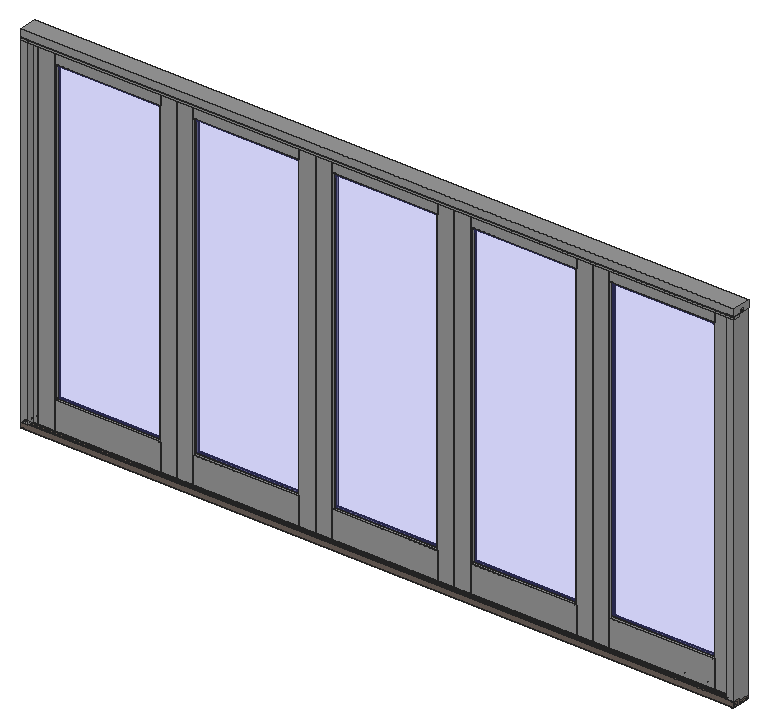
Revit family "VSFA 4190 G1 LH", category Doors, host Wall, Revit 2015
Parameters (values of type "VSFA 4190 G1 LH")
  Function = Interior
  Frame Projection Ext. = 25 mm
  Frame Projection Int. = 25 mm
  Frame Width = 75 mm
  Height = 2100 mm
  Wall Closure = By host
  Width = 4190 mm
Reference planes
  plane 1: y = 0
  plane 2 "Center (Left/Right)": x = 0
  plane 3 "Left": x = -2095
  plane 4 "Right": x = 2095
  plane 5: z = 2100
  plane 6 "Exterior": y = 75
  plane 7 "Interior": y = -75
  plane 8: x = 1206
  plane 9: x = -1236
  plane 10: x = 1205
  plane 11: x = 391
  plane 12: x = -422
  plane 13: x = 392
  plane 14: x = -423
  plane 15: x = -1237
Forms (mm)
  Extrusion 1, solid, material "Aluminium Cill (Bronze)"
    sketch origin (0, 79.18, -119.746) x (0, 1, 0) y (0, 0, 1)
      loop
        line (-26.68, 120.746) -> (-26.68, 135.746)
        arc (-26.68, 135.746) -> (-27.558, 137.867) -> (-29.68, 138.746) r 3
        line (-29.68, 138.746) -> (-40.947, 138.746)
        arc (-40.947, 138.746) -> (-42.68, 137.746) -> (-44.412, 138.746) r 2
        line (-44.412, 138.746) -> (-48.947, 138.746)
        arc (-48.947, 138.746) -> (-50.68, 137.746) -> (-52.412, 138.746) r 2
        line (-52.412, 138.746) -> (-56.947, 138.746)
        arc (-56.947, 138.746) -> (-58.68, 137.746) -> (-60.412, 138.746) r 2
        line (-60.412, 138.746) -> (-67.18, 138.746) -> (-67.18, 135.246)
        arc (-67.18, 135.246) -> (-67.619, 134.185) -> (-68.68, 133.746) r 1.5
        line (-68.68, 133.746) -> (-73.43, 133.746) -> (-73.43, 135.746) -> (-71.996, 135.746)
        arc (-71.996, 135.746) -> (-74.68, 138.746) -> (-77.363, 135.746) r 2.7
        line (-77.363, 135.746) -> (-75.93, 135.746) -> (-75.93, 133.746) -> (-80.68, 133.746)
        arc (-80.68, 133.746) -> (-81.74, 134.185) -> (-82.18, 135.246) r 1.5
        line (-82.18, 135.246) -> (-82.18, 138.746) -> (-90.432, 138.746) -> (-98.68, 138.746) -> (-98.68, 143.746)
        arc (-98.68, 143.746) -> (-99.18, 144.246) -> (-99.68, 143.746) r 0.5
        line (-99.68, 143.746) -> (-99.68, 142.734) -> (-100.88, 142.734) -> (-100.88, 150.246) -> (-99.68, 150.246) -> (-99.68, 149.246)
        arc (-99.68, 149.246) -> (-99.18, 148.746) -> (-98.68, 149.246) r 0.5
        line (-98.68, 149.246) -> (-98.68, 150.746)
        arc (-98.68, 150.746) -> (-98.972, 151.453) -> (-99.68, 151.746) r 1
        line (-99.68, 151.746) -> (-109.447, 151.746)
        arc (-109.447, 151.746) -> (-111.18, 150.746) -> (-112.912, 151.746) r 2
        line (-112.912, 151.746) -> (-117.447, 151.746)
        arc (-117.447, 151.746) -> (-119.18, 150.746) -> (-120.912, 151.746) r 2
        line (-120.912, 151.746) -> (-130.68, 151.746)
        arc (-130.68, 151.746) -> (-131.387, 151.453) -> (-131.68, 150.746) r 1
        line (-131.68, 150.746) -> (-131.68, 120.746)
        arc (-131.68, 120.746) -> (-131.387, 120.039) -> (-130.68, 119.746) r 1
        line (-130.68, 119.746) -> (-27.68, 119.746)
        arc (-27.68, 119.746) -> (-26.972, 120.039) -> (-26.68, 120.746) r 1
      loop
        line (-29.68, 137.246) -> (-40.23, 137.246)
        arc (-40.23, 137.246) -> (-42.68, 136.246) -> (-45.129, 137.246) r 3.5
        line (-45.129, 137.246) -> (-48.23, 137.246)
        arc (-48.23, 137.246) -> (-50.68, 136.246) -> (-53.129, 137.246) r 3.5
        line (-53.129, 137.246) -> (-56.23, 137.246)
        arc (-56.23, 137.246) -> (-58.68, 136.246) -> (-61.129, 137.246) r 3.5
        line (-61.129, 137.246) -> (-65.68, 137.246) -> (-65.68, 135.246)
        arc (-65.68, 135.246) -> (-66.558, 133.125) -> (-68.68, 132.246) r 3
        line (-68.68, 132.246) -> (-73.93, 132.246) -> (-73.93, 121.246) -> (-28.18, 121.246) -> (-28.18, 135.746)
        arc (-28.18, 135.746) -> (-28.619, 136.807) -> (-29.68, 137.246) r 1.5
      loop
        line (-75.43, 132.246) -> (-80.68, 132.246)
        arc (-80.68, 132.246) -> (-82.801, 133.125) -> (-83.68, 135.246) r 3
        line (-83.68, 135.246) -> (-83.68, 137.246) -> (-98.68, 137.246) -> (-98.68, 121.246) -> (-75.43, 121.246) -> (-75.43, 132.246)
      loop
        line (-100.18, 121.246) -> (-100.18, 141.246) -> (-102.38, 141.246) -> (-102.38, 150.246) -> (-108.73, 150.246)
        arc (-108.73, 150.246) -> (-111.18, 149.246) -> (-113.629, 150.246) r 3.5
        line (-113.629, 150.246) -> (-116.73, 150.246)
        arc (-116.73, 150.246) -> (-119.18, 149.246) -> (-121.629, 150.246) r 3.5
        line (-121.629, 150.246) -> (-130.18, 150.246) -> (-130.18, 121.246) -> (-100.18, 121.246)
    from -2095 to 2095
  Extrusion 2, solid, material "Lauan, Meranti"
    sketch origin (122.148, 0, 0) x (0, 1, 0) y (0, 0, -1)
      loop
        line (52.5, -2100) -> (52.5, -2055) -> (15.5, -2055) -> (15.5, -2075) -> (-6.5, -2075) -> (-6.5, -2055) -> (-52.5, -2055) -> (-52.5, -2100) -> (52.5, -2100)
    from -1972.852 to 2217.148
  Extrusion 3, solid, material "Lauan, Meranti"
    sketch origin (-2.986, 0, 0) x (0, 1, 0) y (0, 0, -1)
      loop
        line (-52.5, -2052) -> (-49.5, -2052) -> (-49.5, -2055) -> (-20.5, -2055) -> (-20.5, -2048.5) -> (-27.5, -2048.5) -> (-27.5, -2045.5) -> (-20.5, -2045.5) -> (-20.5, -2042) -> (-52.5, -2042) -> (-52.5, -2052)
    from -2097.986 to 2092.014
  Extrusion 4, solid, material "Steel, Chrome Plated"
    sketch origin (-129.456, -1.5, 0) x (0, 1, 0) y (0, 0, 1)
      loop
        line (16.5, 2075) -> (-4.5, 2075) -> (-4.5, 2055) -> (-2.3, 2055) -> (-2.3, 2072.8) -> (14.3, 2072.8) -> (14.3, 2055) -> (16.5, 2055) -> (16.5, 2075)
    from -1965.544 to 2224.456
  Extrusion 5, solid, material "Lauan, Meranti"
    sketch origin (1430, 0, 0) x (-1, 0, 0) y (0, -1, 0)
      loop
        line (-665, -52.5) -> (-632, -52.5) -> (-632, -24.5) -> (-620, -24.5) -> (-620, 52.5) -> (-665, 52.5) -> (-665, -52.5)
    from 32 to 2055
  Extrusion 6, solid, material "Lauan, Meranti"
    sketch origin (1430, 0, 0) x (-1, 0, 0) y (0, -1, 0)
      loop
        line (-665, -52.5) -> (-632, -52.5) -> (-632, -24.5) -> (-620, -24.5) -> (-620, 19.5) -> (-665, 19.5) -> (-665, -52.5)
    from 19 to 32
  Extrusion 7, solid, material "Lauan, Meranti"
    sketch origin (-1430, 0, 0) x (-1, 0, 0) y (0, -1, 0)
      loop
        line (665, 52.5) -> (620, 52.5) -> (620, 16.5) -> (665, 16.5) -> (665, 52.5)
      loop
        line (665, -52.5) -> (665, -25.5) -> (620, -25.5) -> (620, -52.5) -> (665, -52.5)
      loop
        line (590, -24.5) -> (635, -24.5) -> (635, -14.5) -> (610, -14.5) -> (610, 5.5) -> (635, 5.5) -> (635, 15.5) -> (590, 15.5) -> (590, -24.5)
    from 32 to 2055
  Extrusion 8, solid, material "Lauan, Meranti"
    sketch origin (-1430, 0, 0) x (-1, 0, 0) y (0, -1, 0)
      loop
        line (620, -52.5) -> (665, -52.5) -> (665, -25.5) -> (620, -25.5) -> (620, -52.5)
      loop
        line (635, -24.5) -> (635, -14.5) -> (610, -14.5) -> (610, 5.5) -> (635, 5.5) -> (635, 15.5) -> (590, 15.5) -> (590, -24.5) -> (635, -24.5)
    from 19 to 32
  Extrusion 9, solid, material "Lauan, Meranti"
    sketch origin (-711, 0, 0) x (-1, 0, 0) y (0, -1, 0)
      loop
        line (-1133, 15.5) -> (-1133, -24.5) -> (-1037, -24.5) -> (-1037, 5.5) -> (-1028, 5.5) -> (-1028, 7.5) -> (-1030, 7.5)
        arc (-1030, 7.5) -> (-1032.265, 11.94) -> (-1037, 13.5) r 6.549
        line (-1037, 13.5) -> (-1037, 15.5) -> (-1133, 15.5)
      loop
        line (-320, 15.5) -> (-416, 15.5) -> (-416, 13.5)
        arc (-416, 13.5) -> (-420.735, 11.94) -> (-423, 7.5) r 6.549
        line (-423, 7.5) -> (-425, 7.5) -> (-425, 5.5) -> (-416, 5.5) -> (-416, -24.5) -> (-320, -24.5) -> (-320, 15.5)
    from 19 to 2055
  Extrusion 10, solid, material "Lauan, Meranti"
    sketch origin (-46.235, 0, 0) x (0, 1, 0) y (0, 0, -1)
      loop
        line (-15.5, -190) -> (-13.5, -190)
        arc (-13.5, -190) -> (-11.866, -194.67) -> (-7.5, -197) r 6.807
        line (-7.5, -197) -> (-7.5, -199) -> (-5.5, -199) -> (-5.5, -190) -> (24.5, -190) -> (24.5, -19) -> (-15.5, -19) -> (-15.5, -190)
      loop
        arc (-7.5, -1952) -> (-11.866, -1954.33) -> (-13.5, -1959) r 6.807
        line (-13.5, -1959) -> (-15.5, -1959) -> (-15.5, -2055) -> (24.5, -2055) -> (24.5, -1959) -> (-5.5, -1959) -> (-5.5, -1950) -> (-7.5, -1950) -> (-7.5, -1952)
    from -372.235 to 248.765
  Sweep 11, solid, material "Lauan, Meranti"
    path origin (246.124, -75, -1252.272) x (-1, 0, 0) y (0, 0, -1)
      loop
        line (-79.876, -3211.272) -> (541.124, -3211.272) -> (541.124, -1442.272) -> (-79.876, -1442.272) -> (-79.876, -3211.272)
    profile origin (15.5, -75, 1959) x (0, 0, -1) y (0, -1, 0)
      loop
        line (9, -78) -> (0, -78) -> (0, -86)
        arc (0, -86) -> (4.67, -84.366) -> (7, -80) r 6.807
        line (7, -80) -> (9, -80) -> (9, -78)
  Extrusion 12, solid, material "Glass"
    sketch origin (-22.808, -110.55, -763.769) x (-1, 0, 0) y (0, 0, -1)
      loop
        line (-348.808, -2722.769) -> (272.192, -2722.769) -> (272.192, -953.769) -> (-348.808, -953.769) -> (-348.808, -2722.769)
    from -112.5 to -106.1
  Extrusion 13, solid, material "Lauan, Meranti"
    sketch origin (103, 0, 0) x (-1, 0, 0) y (0, -1, 0)
      loop
        line (-1133, 15.5) -> (-1133, -24.5) -> (-1037, -24.5) -> (-1037, 5.5) -> (-1028, 5.5) -> (-1028, 7.5) -> (-1030, 7.5)
        arc (-1030, 7.5) -> (-1032.265, 11.94) -> (-1037, 13.5) r 6.549
        line (-1037, 13.5) -> (-1037, 15.5) -> (-1133, 15.5)
      loop
        line (-320, 15.5) -> (-416, 15.5) -> (-416, 13.5)
        arc (-416, 13.5) -> (-420.735, 11.94) -> (-423, 7.5) r 6.549
        line (-423, 7.5) -> (-425, 7.5) -> (-425, 5.5) -> (-416, 5.5) -> (-416, -24.5) -> (-320, -24.5) -> (-320, 15.5)
    from 19 to 2055
  Extrusion 14, solid, material "Lauan, Meranti"
    sketch origin (767.765, 0, 0) x (0, 1, 0) y (0, 0, -1)
      loop
        line (-15.5, -190) -> (-13.5, -190)
        arc (-13.5, -190) -> (-11.866, -194.67) -> (-7.5, -197) r 6.807
        line (-7.5, -197) -> (-7.5, -199) -> (-5.5, -199) -> (-5.5, -190) -> (24.5, -190) -> (24.5, -19) -> (-15.5, -19) -> (-15.5, -190)
      loop
        arc (-7.5, -1952) -> (-11.866, -1954.33) -> (-13.5, -1959) r 6.807
        line (-13.5, -1959) -> (-15.5, -1959) -> (-15.5, -2055) -> (24.5, -2055) -> (24.5, -1959) -> (-5.5, -1959) -> (-5.5, -1950) -> (-7.5, -1950) -> (-7.5, -1952)
    from -372.235 to 248.765
  Sweep 15, solid, material "Lauan, Meranti"
    path origin (1060.124, -75, -1252.272) x (-1, 0, 0) y (0, 0, -1)
      loop
        line (-79.876, -3211.272) -> (541.124, -3211.272) -> (541.124, -1442.272) -> (-79.876, -1442.272) -> (-79.876, -3211.272)
    profile origin (829.5, -75, 1959) x (0, 0, -1) y (0, -1, 0)
      loop
        line (9, -78) -> (0, -78) -> (0, -86)
        arc (0, -86) -> (4.67, -84.366) -> (7, -80) r 6.807
        line (7, -80) -> (9, -80) -> (9, -78)
  Extrusion 16, solid, material "Glass"
    sketch origin (791.192, -110.55, -763.769) x (-1, 0, 0) y (0, 0, -1)
      loop
        line (-348.808, -2722.769) -> (272.192, -2722.769) -> (272.192, -953.769) -> (-348.808, -953.769) -> (-348.808, -2722.769)
    from -112.5 to -106.1
  Extrusion 17, solid, material "Lauan, Meranti"
    sketch origin (-1525, 0, 0) x (-1, 0, 0) y (0, -1, 0)
      loop
        line (-1133, 15.5) -> (-1133, -24.5) -> (-1037, -24.5) -> (-1037, 5.5) -> (-1028, 5.5) -> (-1028, 7.5) -> (-1030, 7.5)
        arc (-1030, 7.5) -> (-1032.265, 11.94) -> (-1037, 13.5) r 6.549
        line (-1037, 13.5) -> (-1037, 15.5) -> (-1133, 15.5)
      loop
        line (-320, 15.5) -> (-416, 15.5) -> (-416, 13.5)
        arc (-416, 13.5) -> (-420.735, 11.94) -> (-423, 7.5) r 6.549
        line (-423, 7.5) -> (-425, 7.5) -> (-425, 5.5) -> (-416, 5.5) -> (-416, -24.5) -> (-320, -24.5) -> (-320, 15.5)
    from 19 to 2055
  Extrusion 18, solid, material "Lauan, Meranti"
    sketch origin (-860.235, 0, 0) x (0, 1, 0) y (0, 0, -1)
      loop
        line (-15.5, -190) -> (-13.5, -190)
        arc (-13.5, -190) -> (-11.866, -194.67) -> (-7.5, -197) r 6.807
        line (-7.5, -197) -> (-7.5, -199) -> (-5.5, -199) -> (-5.5, -190) -> (24.5, -190) -> (24.5, -19) -> (-15.5, -19) -> (-15.5, -190)
      loop
        arc (-7.5, -1952) -> (-11.866, -1954.33) -> (-13.5, -1959) r 6.807
        line (-13.5, -1959) -> (-15.5, -1959) -> (-15.5, -2055) -> (24.5, -2055) -> (24.5, -1959) -> (-5.5, -1959) -> (-5.5, -1950) -> (-7.5, -1950) -> (-7.5, -1952)
    from -372.235 to 248.765
  Sweep 19, solid, material "Lauan, Meranti"
    path origin (-567.876, -75, -1252.272) x (-1, 0, 0) y (0, 0, -1)
      loop
        line (-79.876, -3211.272) -> (541.124, -3211.272) -> (541.124, -1442.272) -> (-79.876, -1442.272) -> (-79.876, -3211.272)
    profile origin (-798.5, -75, 1959) x (0, 0, -1) y (0, -1, 0)
      loop
        line (9, -78) -> (0, -78) -> (0, -86)
        arc (0, -86) -> (4.67, -84.366) -> (7, -80) r 6.807
        line (7, -80) -> (9, -80) -> (9, -78)
  Extrusion 20, solid, material "Glass"
    sketch origin (-836.808, -110.55, -763.769) x (-1, 0, 0) y (0, 0, -1)
      loop
        line (-348.808, -2722.769) -> (272.192, -2722.769) -> (272.192, -953.769) -> (-348.808, -953.769) -> (-348.808, -2722.769)
    from -112.5 to -106.1
  Extrusion 21, solid, material "Lauan, Meranti"
    sketch origin (-2339, 0, 0) x (-1, 0, 0) y (0, -1, 0)
      loop
        line (-1133, 15.5) -> (-1133, -24.5) -> (-1037, -24.5) -> (-1037, 5.5) -> (-1028, 5.5) -> (-1028, 7.5) -> (-1030, 7.5)
        arc (-1030, 7.5) -> (-1032.265, 11.94) -> (-1037, 13.5) r 6.549
        line (-1037, 13.5) -> (-1037, 15.5) -> (-1133, 15.5)
      loop
        line (-320, 15.5) -> (-416, 15.5) -> (-416, 13.5)
        arc (-416, 13.5) -> (-420.735, 11.94) -> (-423, 7.5) r 6.549
        line (-423, 7.5) -> (-425, 7.5) -> (-425, 5.5) -> (-416, 5.5) -> (-416, -24.5) -> (-320, -24.5) -> (-320, 15.5)
    from 19 to 2055
  Extrusion 22, solid, material "Lauan, Meranti"
    sketch origin (-1674.235, 0, 0) x (0, 1, 0) y (0, 0, -1)
      loop
        line (-15.5, -190) -> (-13.5, -190)
        arc (-13.5, -190) -> (-11.866, -194.67) -> (-7.5, -197) r 6.807
        line (-7.5, -197) -> (-7.5, -199) -> (-5.5, -199) -> (-5.5, -190) -> (24.5, -190) -> (24.5, -19) -> (-15.5, -19) -> (-15.5, -190)
      loop
        arc (-7.5, -1952) -> (-11.866, -1954.33) -> (-13.5, -1959) r 6.807
        line (-13.5, -1959) -> (-15.5, -1959) -> (-15.5, -2055) -> (24.5, -2055) -> (24.5, -1959) -> (-5.5, -1959) -> (-5.5, -1950) -> (-7.5, -1950) -> (-7.5, -1952)
    from -372.235 to 248.765
  Sweep 23, solid, material "Lauan, Meranti"
    path origin (-1381.876, -75, -1252.272) x (-1, 0, 0) y (0, 0, -1)
      loop
        line (-79.876, -3211.272) -> (541.124, -3211.272) -> (541.124, -1442.272) -> (-79.876, -1442.272) -> (-79.876, -3211.272)
    profile origin (-1612.5, -75, 1959) x (0, 0, -1) y (0, -1, 0)
      loop
        line (9, -78) -> (0, -78) -> (0, -86)
        arc (0, -86) -> (4.67, -84.366) -> (7, -80) r 6.807
        line (7, -80) -> (9, -80) -> (9, -78)
  Extrusion 24, solid, material "Glass"
    sketch origin (-1650.808, -110.55, -763.769) x (-1, 0, 0) y (0, 0, -1)
      loop
        line (-348.808, -2722.769) -> (272.192, -2722.769) -> (272.192, -953.769) -> (-348.808, -953.769) -> (-348.808, -2722.769)
    from -112.5 to -106.1
  Extrusion 25, solid, material "Lauan, Meranti"
    sketch origin (917, 0, 0) x (-1, 0, 0) y (0, -1, 0)
      loop
        line (-1133, 15.5) -> (-1133, -24.5) -> (-1037, -24.5) -> (-1037, 5.5) -> (-1028, 5.5) -> (-1028, 7.5) -> (-1030, 7.5)
        arc (-1030, 7.5) -> (-1032.265, 11.94) -> (-1037, 13.5) r 6.549
        line (-1037, 13.5) -> (-1037, 15.5) -> (-1133, 15.5)
      loop
        line (-320, 15.5) -> (-416, 15.5) -> (-416, 13.5)
        arc (-416, 13.5) -> (-420.735, 11.94) -> (-423, 7.5) r 6.549
        line (-423, 7.5) -> (-425, 7.5) -> (-425, 5.5) -> (-416, 5.5) -> (-416, -24.5) -> (-320, -24.5) -> (-320, 15.5)
    from 19 to 2055
  Extrusion 26, solid, material "Lauan, Meranti"
    sketch origin (1581.765, 0, 0) x (0, 1, 0) y (0, 0, -1)
      loop
        line (-15.5, -190) -> (-13.5, -190)
        arc (-13.5, -190) -> (-11.866, -194.67) -> (-7.5, -197) r 6.807
        line (-7.5, -197) -> (-7.5, -199) -> (-5.5, -199) -> (-5.5, -190) -> (24.5, -190) -> (24.5, -19) -> (-15.5, -19) -> (-15.5, -190)
      loop
        arc (-7.5, -1952) -> (-11.866, -1954.33) -> (-13.5, -1959) r 6.807
        line (-13.5, -1959) -> (-15.5, -1959) -> (-15.5, -2055) -> (24.5, -2055) -> (24.5, -1959) -> (-5.5, -1959) -> (-5.5, -1950) -> (-7.5, -1950) -> (-7.5, -1952)
    from -372.235 to 248.765
  Sweep 27, solid, material "Lauan, Meranti"
    path origin (1874.124, -75, -1252.272) x (-1, 0, 0) y (0, 0, -1)
      loop
        line (-79.876, -3211.272) -> (541.124, -3211.272) -> (541.124, -1442.272) -> (-79.876, -1442.272) -> (-79.876, -3211.272)
    profile origin (1643.5, -75, 1959) x (0, 0, -1) y (0, -1, 0)
      loop
        line (9, -78) -> (0, -78) -> (0, -86)
        arc (0, -86) -> (4.67, -84.366) -> (7, -80) r 6.807
        line (7, -80) -> (9, -80) -> (9, -78)
  Extrusion 28, solid, material "Glass"
    sketch origin (1605.192, -110.55, -763.769) x (-1, 0, 0) y (0, 0, -1)
      loop
        line (-348.808, -2722.769) -> (272.192, -2722.769) -> (272.192, -953.769) -> (-348.808, -953.769) -> (-348.808, -2722.769)
    from -112.5 to -106.1
Cuts and joins
  joined: Extrusion 5, Extrusion 6
  joined: Extrusion 7, Extrusion 8
Lines and regions (mm)
  Opening 1
    outline origin (-5000, -75, 0) x (1, 0, 0) y (0, 0, 1)
      loop
        line (2905, 0) -> (7095, 0) -> (7095, 2100) -> (2905, 2100) -> (2905, 0)
  model lines
    curve 1: line (178.198, 99.5, 1050) -> (3.198, 99.5, 1050)
    curve 2: line (-135.879, 99.5, 1050) -> (3.198, 99.5, 1106.191)
    curve 3: line (3.198, 99.5, 1106.191) -> (3.198, 99.5, 993.809)
    curve 4: line (-135.879, 99.5, 1050) -> (3.198, 99.5, 993.809)
    curve 5: line (992.198, 99.5, 1050) -> (817.198, 99.5, 1050)
    curve 6: line (678.121, 99.5, 1050) -> (817.198, 99.5, 1106.191)
    curve 7: line (817.198, 99.5, 1106.191) -> (817.198, 99.5, 993.809)
    curve 8: line (678.121, 99.5, 1050) -> (817.198, 99.5, 993.809)
    curve 9: line (-635.802, 99.5, 1050) -> (-810.802, 99.5, 1050)
    curve 10: line (-949.879, 99.5, 1050) -> (-810.802, 99.5, 1106.191)
    curve 11: line (-810.802, 99.5, 1106.191) -> (-810.802, 99.5, 993.809)
    curve 12: line (-949.879, 99.5, 1050) -> (-810.802, 99.5, 993.809)
    curve 13: line (-1449.802, 99.5, 1050) -> (-1624.802, 99.5, 1050)
    curve 14: line (-1763.879, 99.5, 1050) -> (-1624.802, 99.5, 1106.191)
    curve 15: line (-1624.802, 99.5, 1106.191) -> (-1624.802, 99.5, 993.809)
    curve 16: line (-1763.879, 99.5, 1050) -> (-1624.802, 99.5, 993.809)
    curve 17: line (1806.198, 99.5, 1050) -> (1631.198, 99.5, 1050)
    curve 18: line (1492.121, 99.5, 1050) -> (1631.198, 99.5, 1106.191)
    curve 19: line (1631.198, 99.5, 1106.191) -> (1631.198, 99.5, 993.809)
    curve 20: line (1492.121, 99.5, 1050) -> (1631.198, 99.5, 993.809)
    curve 21: line (-2020, 24.5, 0) -> (-1613.5, 728.579, 0)
    curve 22: line (-1613.5, 728.579, 0) -> (-1578.859, 708.579, 0)
    curve 23: line (-1578.859, 708.579, 0) -> (-1985.359, 4.5, 0)
    curve 24: line (-1137.718, 24.5, 0) -> (-1544.218, 728.579, 0)
    curve 25: line (-1544.218, 728.579, 0) -> (-1578.859, 708.579, 0)
    curve 26: line (-1578.859, 708.579, 0) -> (-1172.359, 4.5, 0)
    curve 27: line (-1137.718, 24.5, 0) -> (-731.218, 728.579, 0)
    curve 28: line (-731.218, 728.579, 0) -> (-696.577, 708.579, 0)
    curve 29: line (-1103.077, 4.5, 0) -> (-696.577, 708.579, 0)
    curve 30: line (-255.436, 24.5, 0) -> (151.064, 728.579, 0)
    curve 31: line (151.064, 728.579, 0) -> (185.705, 708.579, 0)
    curve 32: line (185.705, 708.579, 0) -> (-220.795, 4.5, 0)
    curve 33: line (-255.436, 24.5, 0) -> (-661.936, 728.579, 0)
    curve 34: line (-661.936, 728.579, 0) -> (-696.577, 708.579, 0)
    curve 35: line (-290.077, 4.5, 0) -> (-696.577, 708.579, 0)
Text (mm)
  text "Exterior" at (-2295.016, 1099.543, 0), in view "Ref. Level"
  text "Exterior" at (0, 1615.38, 3698.081), in view "Left"
  text "Exterior" at (0, 1036.032, 3874.932), in view "Right"
Dimensions and locks
  equal spacing: plane 3 "Left", plane 2 "Center (Left/Right)", plane 4 "Right"
  "Width": plane 3 "Left" to plane 4 "Right"
  "Height": plane 5 to host wall
  host wall to plane 5 = 2100 mm  (x2)
  locked: plane 6 "Exterior" to host wall at 0
  locked: plane 7 "Interior" to host wall
  plane 3 "Left" to plane 4 "Right" = 4190 mm
  aligned and locked: plane 1 to host wall
  aligned and locked: Opening 1 sketch curve to level
  aligned and locked: Extrusion 9 to Extrusion 10
  aligned and locked: Extrusion 10 to Extrusion 12  (x2)
  aligned and locked: Extrusion 9 to Extrusion 12
  aligned and locked: Sweep 11 sketch curve to Extrusion 10  (x2)
  aligned and locked: Extrusion 9 to Sweep 11 sketch curve
  aligned and locked: Extrusion 13 to Extrusion 14
  aligned and locked: Extrusion 14 to Extrusion 16  (x2)
  aligned and locked: Extrusion 13 to Extrusion 16
  aligned and locked: Sweep 15 sketch curve to Extrusion 14  (x2)
  aligned and locked: Extrusion 13 to Sweep 15 sketch curve
  aligned and locked: Extrusion 17 to Extrusion 18
  aligned and locked: Extrusion 18 to Extrusion 20  (x2)
  aligned and locked: Extrusion 17 to Extrusion 20
  aligned and locked: Sweep 19 sketch curve to Extrusion 18  (x2)
  aligned and locked: Extrusion 17 to Sweep 19 sketch curve
  aligned and locked: Extrusion 21 to Extrusion 22
  aligned and locked: Extrusion 22 to Extrusion 24  (x2)
  aligned and locked: Extrusion 21 to Extrusion 24
  aligned and locked: Sweep 23 sketch curve to Extrusion 22  (x2)
  aligned and locked: Extrusion 21 to Sweep 23 sketch curve
  aligned and locked: Extrusion 25 to Extrusion 26
  aligned and locked: Extrusion 26 to Extrusion 28  (x2)
  aligned and locked: Extrusion 25 to Extrusion 28
  aligned and locked: Sweep 27 sketch curve to Extrusion 26  (x2)
  aligned and locked: Extrusion 25 to Sweep 27 sketch curve
Automatic sketch dimensions
  curve 16 to plane 3 "Left" = 331.121 mm
  curve 14 to curve 15 = 139.078 mm
  curve 12 to plane 9 = 286.121 mm
  curve 10 to curve 11 = 139.078 mm
  curve 2 to plane 2 "Center (Left/Right)" = 135.879 mm
  plane 2 "Center (Left/Right)" to curve 2 = 3.198 mm
  curve 8 to plane 13 = 286.121 mm
  curve 6 to curve 7 = 139.078 mm
  curve 18 to plane 8 = 286.121 mm
  curve 18 to curve 18 = 139.078 mm
  level to curve 20 = 993.809 mm
  level to curve 16 = 993.809 mm
  curve 12 to curve 15 = 0 mm
  curve 3 to curve 11 = 0 mm
  curve 8 to curve 3 = 0 mm
  curve 7 to curve 6 = 56.191 mm
  curve 19 to curve 18 = 56.191 mm
  curve 3 to curve 4 = 56.191 mm
  curve 11 to curve 10 = 56.191 mm
  curve 15 to curve 14 = 56.191 mm
  curve 15 to curve 15 = 112.382 mm
  curve 11 to curve 10 = 112.382 mm
  curve 7 to curve 7 = 112.382 mm
  curve 19 to curve 18 = 112.382 mm
  curve 3 to curve 3 = 112.382 mm
  curve 13 to curve 13 = 175 mm
  curve 9 to curve 9 = 175 mm
  curve 1 to curve 1 = 175 mm
  curve 5 to curve 5 = 175 mm
  curve 17 to curve 17 = 175 mm
  curve 17 to curve 18 = 56.191 mm
  curve 7 to curve 5 = 56.191 mm
  curve 11 to curve 9 = 56.191 mm
  curve 3 to curve 1 = 56.191 mm
  curve 15 to curve 13 = 56.191 mm
  plane 15 to curve 21 = 376.5 mm
  curve 22 to curve 23 = 34.641 mm
  curve 22 to curve 25 = 34.641 mm
  curve 27 to host wall = 24.5 mm
  curve 27 to plane 9 = 98.282 mm
  plane 14 to curve 28 = 308.218 mm
  curve 27 to curve 28 = 34.641 mm
  curve 29 to curve 33 = 34.641 mm
  curve 30 to host wall = 24.5 mm
  curve 30 to plane 12 = 166.564 mm
  plane 2 "Center (Left/Right)" to curve 31 = 151.064 mm
  curve 31 to curve 31 = 34.641 mm
  host wall to curve 26 = 633.579 mm
  host wall to curve 32 = 633.579 mm
  host wall to curve 28 = 633.579 mm
  curve 22 to curve 22 = 20 mm
  curve 23 to host wall = 4.5 mm
  curve 21 to host wall = 24.5 mm
  curve 26 to host wall = 4.5 mm
  curve 29 to host wall = 4.5 mm
  curve 24 to curve 29 = 34.641 mm
  curve 35 to host wall = 4.5 mm
  curve 35 to curve 30 = 34.641 mm
  curve 32 to host wall = 4.5 mm
  plane 3 "Left" to Opening 1 sketch curve = 0 mm
  plane 4 "Right" to Opening 1 sketch curve = 0 mm
  Opening 1 sketch curve to plane 5 = 0 mm
  Extrusion 1 sketch curve to level = 0 mm
  level to Extrusion 1 sketch curve = 1 mm
  Extrusion 1 sketch curve to host wall = 22.5 mm
  Extrusion 1 sketch curve to Extrusion 1 sketch curve = 1 mm  (x7)
  Extrusion 1 sketch curve to Extrusion 1 sketch curve = 0.5 mm  (x8)
  Extrusion 1 sketch curve to Extrusion 1 sketch curve = 8.551 mm
  Extrusion 1 sketch curve to Extrusion 1 sketch curve = 0.717 mm  (x10)
  Extrusion 1 sketch curve to Extrusion 1 sketch curve = 1.732 mm  (x10)
  Extrusion 1 sketch curve to Extrusion 1 sketch curve = 0 mm  (x26)
  Extrusion 1 sketch curve to Extrusion 1 sketch curve = 3.101 mm  (x3)
  Extrusion 1 sketch curve to Extrusion 1 sketch curve = 6.351 mm
  Extrusion 1 sketch curve to Extrusion 1 sketch curve = 1.5 mm  (x15)
  Extrusion 1 sketch curve to Extrusion 1 sketch curve = 0.7 mm
  level to Extrusion 1 sketch curve = 1.5 mm  (x3)
  Extrusion 1 sketch curve to Extrusion 1 sketch curve = 1.2 mm  (x2)
  Extrusion 1 sketch curve to Extrusion 1 sketch curve = 8.248 mm
  host wall to Extrusion 1 sketch curve = 4.5 mm
  host wall to Extrusion 1 sketch curve = 1.5 mm  (x2)
  Extrusion 1 sketch curve to host wall = 1.817 mm
  Extrusion 1 sketch curve to Extrusion 1 sketch curve = 1.433 mm  (x3)
  Extrusion 1 sketch curve to host wall = 3.75 mm
  Extrusion 1 sketch curve to Extrusion 1 sketch curve = 1.25 mm  (x2)
  Extrusion 1 sketch curve to Extrusion 1 sketch curve = 3.317 mm
  Extrusion 1 sketch curve to Extrusion 1 sketch curve = 4.551 mm
  Extrusion 1 sketch curve to Extrusion 1 sketch curve = 10.551 mm
  Extrusion 1 sketch curve to Extrusion 1 sketch curve = 11 mm
  Extrusion 1 sketch curve to Extrusion 1 sketch curve = 14.5 mm
  Extrusion 1 sketch curve to Extrusion 1 sketch curve = 2 mm  (x4)
  Extrusion 1 sketch curve to Extrusion 1 sketch curve = 0.3 mm
  Extrusion 1 sketch curve to Extrusion 1 sketch curve = 2.5 mm
  Extrusion 1 sketch curve to Extrusion 1 sketch curve = 1.488 mm
  Extrusion 1 sketch curve to Extrusion 1 sketch curve = 1.012 mm
  Extrusion 1 sketch curve to Extrusion 1 sketch curve = 5.5 mm
  plane 5 to Extrusion 2 sketch curve = 0 mm
  Extrusion 2 sketch curve to host wall = 22.5 mm  (x2)
  host wall to Extrusion 2 sketch curve = 6.5 mm
  Extrusion 2 sketch curve to host wall = 15.5 mm
  plane 5 to Extrusion 2 sketch curve = 25 mm
  Extrusion 2 sketch curve to Extrusion 2 sketch curve = 45 mm
  Extrusion 2 sketch curve to Extrusion 2 sketch curve = 20 mm
  Extrusion 3 sketch curve to host wall = 22.5 mm
  Extrusion 3 sketch curve to Extrusion 3 sketch curve = 3 mm  (x3)
  Extrusion 3 sketch curve to Extrusion 3 sketch curve = 22 mm
  Extrusion 3 sketch curve to Extrusion 3 sketch curve = 7 mm
  Extrusion 3 sketch curve to Extrusion 3 sketch curve = 0 mm
  plane 5 to Extrusion 3 sketch curve = 45 mm
  Extrusion 3 sketch curve to Extrusion 3 sketch curve = 6.5 mm
  Extrusion 3 sketch curve to Extrusion 3 sketch curve = 10 mm
  host wall to Extrusion 4 sketch curve = 6 mm
  Extrusion 4 sketch curve to Extrusion 4 sketch curve = 2.2 mm  (x3)
  Extrusion 4 sketch curve to host wall = 12.8 mm
  plane 5 to Extrusion 4 sketch curve = 45 mm
  Extrusion 4 sketch curve to Extrusion 4 sketch curve = 0 mm
  Extrusion 4 sketch curve to Extrusion 4 sketch curve = 17.8 mm
  Extrusion 5 sketch curve to plane 4 "Right" = 0 mm
  plane 4 "Right" to Extrusion 5 sketch curve = 33 mm
  Extrusion 5 sketch curve to Extrusion 5 sketch curve = 45 mm
  Extrusion 5 sketch curve to host wall = 22.5 mm  (x2)
  Extrusion 5 sketch curve to host wall = 24.5 mm
  Extrusion 6 sketch curve to plane 4 "Right" = 0 mm
  Extrusion 6 sketch curve to Extrusion 6 sketch curve = 33 mm
  host wall to Extrusion 6 sketch curve = 19.5 mm
  Extrusion 6 sketch curve to Extrusion 6 sketch curve = 45 mm
  Extrusion 6 sketch curve to host wall = 24.5 mm
  Extrusion 6 sketch curve to host wall = 22.5 mm
  Extrusion 7 sketch curve to plane 3 "Left" = 0 mm  (x2)
  Extrusion 7 sketch curve to plane 3 "Left" = 30 mm  (x2)
  Extrusion 7 sketch curve to Extrusion 7 sketch curve = 15 mm  (x2)
  Extrusion 7 sketch curve to Extrusion 7 sketch curve = 10 mm  (x2)
  Extrusion 7 sketch curve to Extrusion 7 sketch curve = 20 mm
  Extrusion 7 sketch curve to host wall = 22.5 mm  (x2)
  Extrusion 7 sketch curve to host wall = 25.5 mm
  Extrusion 7 sketch curve to Extrusion 7 sketch curve = 1 mm
  Extrusion 7 sketch curve to host wall = 14.5 mm
  host wall to Extrusion 7 sketch curve = 5.5 mm
  host wall to Extrusion 7 sketch curve = 16.5 mm
  Extrusion 8 sketch curve to plane 3 "Left" = 0 mm
  Extrusion 8 sketch curve to plane 3 "Left" = 30 mm
  Extrusion 8 sketch curve to Extrusion 8 sketch curve = 0 mm
  Extrusion 8 sketch curve to Extrusion 8 sketch curve = 15 mm
  host wall to Extrusion 8 sketch curve = 5.5 mm
  Extrusion 8 sketch curve to Extrusion 8 sketch curve = 25 mm
  Extrusion 8 sketch curve to Extrusion 8 sketch curve = 20 mm
  Extrusion 8 sketch curve to host wall = 14.5 mm
  Extrusion 8 sketch curve to Extrusion 8 sketch curve = 10 mm  (x2)
  Extrusion 8 sketch curve to host wall = 25.5 mm
  Extrusion 8 sketch curve to host wall = 22.5 mm
  plane 13 to Extrusion 9 sketch curve = 30 mm
  Extrusion 9 sketch curve to host wall = 13.5 mm
  Extrusion 9 sketch curve to plane 11 = 65 mm
  Extrusion 9 sketch curve to Extrusion 9 sketch curve = 0 mm
  Extrusion 9 sketch curve to Extrusion 9 sketch curve = 0.473 mm  (x3)
  Extrusion 9 sketch curve to Extrusion 9 sketch curve = 6.527 mm  (x2)
  Extrusion 9 sketch curve to Extrusion 9 sketch curve = 2 mm  (x4)
  Extrusion 9 sketch curve to host wall = 5.5 mm
  plane 12 to Extrusion 9 sketch curve = 136 mm
  plane 12 to Extrusion 9 sketch curve = 31 mm
  Extrusion 9 sketch curve to host wall = 15.5 mm  (x2)
  Extrusion 9 sketch curve to host wall = 7.5 mm
  Extrusion 9 sketch curve to Extrusion 9 sketch curve = 1.468 mm
  host wall to Extrusion 9 sketch curve = 24.5 mm  (x2)
  host wall to Extrusion 10 sketch curve = 15.5 mm  (x2)
  Extrusion 10 sketch curve to Extrusion 10 sketch curve = 2 mm  (x6)
  host wall to Extrusion 10 sketch curve = 7.5 mm  (x2)
  host wall to Extrusion 10 sketch curve = 6.697 mm  (x2)
  Extrusion 10 sketch curve to host wall = 24.5 mm  (x2)
  plane 5 to Extrusion 10 sketch curve = 45 mm
  Extrusion 10 sketch curve to Extrusion 10 sketch curve = 96 mm
  Extrusion 10 sketch curve to Extrusion 10 sketch curve = 0 mm
  Extrusion 10 sketch curve to Extrusion 10 sketch curve = 0.241 mm  (x2)
  level to Extrusion 10 sketch curve = 199 mm
  Extrusion 10 sketch curve to Extrusion 10 sketch curve = 6.759 mm
  level to Extrusion 10 sketch curve = 19 mm
  plane 11 to Sweep 11 sketch curve = 65 mm
  Sweep 11 sketch curve to profile plane = 0 mm
  Sweep 11 sketch curve to profile plane = 0.241 mm
  Sweep 11 sketch curve to Sweep 11 sketch curve = 6.759 mm
  Sweep 11 sketch curve to Sweep 11 sketch curve = 2 mm  (x2)
  Sweep 11 sketch curve to profile plane = 86 mm
  Sweep 11 sketch curve to Sweep 11 sketch curve = 6 mm
  plane 11 to Extrusion 12 sketch curve = 65 mm
  Extrusion 12 sketch curve to plane 12 = 127 mm
  plane 5 to Extrusion 12 sketch curve = 141 mm
  level to Extrusion 12 sketch curve = 190 mm
  plane 8 to Extrusion 13 sketch curve = 30 mm
  Extrusion 13 sketch curve to host wall = 13.5 mm
  Extrusion 13 sketch curve to plane 10 = 65 mm
  Extrusion 13 sketch curve to Extrusion 13 sketch curve = 0 mm
  Extrusion 13 sketch curve to Extrusion 13 sketch curve = 0.473 mm  (x3)
  Extrusion 13 sketch curve to Extrusion 13 sketch curve = 6.527 mm  (x2)
  Extrusion 13 sketch curve to Extrusion 13 sketch curve = 2 mm  (x4)
  Extrusion 13 sketch curve to host wall = 5.5 mm
  plane 13 to Extrusion 13 sketch curve = 136 mm
  plane 13 to Extrusion 13 sketch curve = 31 mm
  Extrusion 13 sketch curve to host wall = 15.5 mm  (x2)
  Extrusion 13 sketch curve to host wall = 7.5 mm
  Extrusion 13 sketch curve to Extrusion 13 sketch curve = 1.468 mm
  host wall to Extrusion 13 sketch curve = 24.5 mm  (x2)
  host wall to Extrusion 14 sketch curve = 15.5 mm  (x2)
  Extrusion 14 sketch curve to Extrusion 14 sketch curve = 2 mm  (x6)
  host wall to Extrusion 14 sketch curve = 7.5 mm  (x2)
  host wall to Extrusion 14 sketch curve = 6.697 mm  (x2)
  Extrusion 14 sketch curve to host wall = 24.5 mm  (x2)
  plane 5 to Extrusion 14 sketch curve = 45 mm
  Extrusion 14 sketch curve to Extrusion 14 sketch curve = 96 mm
  Extrusion 14 sketch curve to Extrusion 14 sketch curve = 0 mm
  Extrusion 14 sketch curve to Extrusion 14 sketch curve = 0.241 mm  (x2)
  level to Extrusion 14 sketch curve = 199 mm
  Extrusion 14 sketch curve to Extrusion 14 sketch curve = 6.759 mm
  level to Extrusion 14 sketch curve = 19 mm
  plane 10 to Sweep 15 sketch curve = 65 mm
  Sweep 15 sketch curve to profile plane = 0 mm
  Sweep 15 sketch curve to profile plane = 0.241 mm
  Sweep 15 sketch curve to Sweep 15 sketch curve = 6.759 mm
  Sweep 15 sketch curve to Sweep 15 sketch curve = 2 mm  (x2)
  Sweep 15 sketch curve to profile plane = 86 mm
  Sweep 15 sketch curve to Sweep 15 sketch curve = 6 mm
  plane 10 to Extrusion 16 sketch curve = 65 mm
  Extrusion 16 sketch curve to plane 13 = 127 mm
  plane 5 to Extrusion 16 sketch curve = 141 mm
  level to Extrusion 16 sketch curve = 190 mm
  plane 12 to Extrusion 17 sketch curve = 30 mm
  Extrusion 17 sketch curve to host wall = 13.5 mm
  Extrusion 17 sketch curve to plane 14 = 65 mm
  Extrusion 17 sketch curve to Extrusion 17 sketch curve = 0 mm
  Extrusion 17 sketch curve to Extrusion 17 sketch curve = 0.473 mm  (x3)
  Extrusion 17 sketch curve to Extrusion 17 sketch curve = 6.527 mm  (x2)
  Extrusion 17 sketch curve to Extrusion 17 sketch curve = 2 mm  (x4)
  Extrusion 17 sketch curve to host wall = 5.5 mm
  plane 9 to Extrusion 17 sketch curve = 136 mm
  plane 9 to Extrusion 17 sketch curve = 31 mm
  Extrusion 17 sketch curve to host wall = 15.5 mm  (x2)
  Extrusion 17 sketch curve to host wall = 7.5 mm
  Extrusion 17 sketch curve to Extrusion 17 sketch curve = 1.468 mm
  host wall to Extrusion 17 sketch curve = 24.5 mm  (x2)
  host wall to Extrusion 18 sketch curve = 15.5 mm  (x2)
  Extrusion 18 sketch curve to Extrusion 18 sketch curve = 2 mm  (x6)
  host wall to Extrusion 18 sketch curve = 7.5 mm  (x2)
  host wall to Extrusion 18 sketch curve = 6.697 mm  (x2)
  Extrusion 18 sketch curve to host wall = 24.5 mm  (x2)
  plane 5 to Extrusion 18 sketch curve = 45 mm
  Extrusion 18 sketch curve to Extrusion 18 sketch curve = 96 mm
  Extrusion 18 sketch curve to Extrusion 18 sketch curve = 0 mm
  Extrusion 18 sketch curve to Extrusion 18 sketch curve = 0.241 mm  (x2)
  level to Extrusion 18 sketch curve = 199 mm
  Extrusion 18 sketch curve to Extrusion 18 sketch curve = 6.759 mm
  level to Extrusion 18 sketch curve = 19 mm
  plane 14 to Sweep 19 sketch curve = 65 mm
  Sweep 19 sketch curve to profile plane = 0 mm
  Sweep 19 sketch curve to profile plane = 0.241 mm
  Sweep 19 sketch curve to Sweep 19 sketch curve = 6.759 mm
  Sweep 19 sketch curve to Sweep 19 sketch curve = 2 mm  (x2)
  Sweep 19 sketch curve to profile plane = 86 mm
  Sweep 19 sketch curve to Sweep 19 sketch curve = 6 mm
  plane 14 to Extrusion 20 sketch curve = 65 mm
  Extrusion 20 sketch curve to plane 9 = 127 mm
  plane 5 to Extrusion 20 sketch curve = 141 mm
  level to Extrusion 20 sketch curve = 190 mm
  plane 9 to Extrusion 21 sketch curve = 30 mm
  Extrusion 21 sketch curve to host wall = 13.5 mm
  Extrusion 21 sketch curve to plane 15 = 65 mm
  Extrusion 21 sketch curve to Extrusion 21 sketch curve = 0 mm
  Extrusion 21 sketch curve to Extrusion 21 sketch curve = 0.473 mm  (x3)
  Extrusion 21 sketch curve to Extrusion 21 sketch curve = 6.527 mm  (x2)
  Extrusion 21 sketch curve to Extrusion 21 sketch curve = 2 mm  (x4)
  Extrusion 21 sketch curve to host wall = 5.5 mm
  plane 3 "Left" to Extrusion 21 sketch curve = 181 mm
  host wall to Extrusion 21 sketch curve = 24.5 mm  (x2)
  plane 3 "Left" to Extrusion 21 sketch curve = 76 mm
  Extrusion 21 sketch curve to host wall = 15.5 mm  (x2)
  Extrusion 21 sketch curve to host wall = 7.5 mm
  Extrusion 21 sketch curve to Extrusion 21 sketch curve = 1.468 mm
  host wall to Extrusion 22 sketch curve = 15.5 mm  (x2)
  Extrusion 22 sketch curve to Extrusion 22 sketch curve = 2 mm  (x6)
  host wall to Extrusion 22 sketch curve = 7.5 mm  (x2)
  host wall to Extrusion 22 sketch curve = 6.697 mm  (x2)
  Extrusion 22 sketch curve to host wall = 24.5 mm  (x2)
  plane 5 to Extrusion 22 sketch curve = 45 mm
  Extrusion 22 sketch curve to Extrusion 22 sketch curve = 96 mm
  Extrusion 22 sketch curve to Extrusion 22 sketch curve = 0 mm
  Extrusion 22 sketch curve to Extrusion 22 sketch curve = 0.241 mm  (x2)
  level to Extrusion 22 sketch curve = 199 mm
  Extrusion 22 sketch curve to Extrusion 22 sketch curve = 6.759 mm
  level to Extrusion 22 sketch curve = 19 mm
  plane 15 to Sweep 23 sketch curve = 65 mm
  Sweep 23 sketch curve to profile plane = 0 mm
  Sweep 23 sketch curve to profile plane = 0.241 mm
  Sweep 23 sketch curve to Sweep 23 sketch curve = 6.759 mm
  Sweep 23 sketch curve to Sweep 23 sketch curve = 2 mm  (x2)
  Sweep 23 sketch curve to profile plane = 86 mm
  Sweep 23 sketch curve to Sweep 23 sketch curve = 6 mm
  plane 15 to Extrusion 24 sketch curve = 65 mm
  Extrusion 24 sketch curve to plane 3 "Left" = 172 mm
  plane 5 to Extrusion 24 sketch curve = 141 mm
  level to Extrusion 24 sketch curve = 190 mm
  Extrusion 25 sketch curve to plane 4 "Right" = 45 mm
  Extrusion 25 sketch curve to host wall = 13.5 mm
  Extrusion 25 sketch curve to Extrusion 25 sketch curve = 96 mm
  Extrusion 25 sketch curve to Extrusion 25 sketch curve = 0 mm
  Extrusion 25 sketch curve to Extrusion 25 sketch curve = 0.473 mm  (x3)
  Extrusion 25 sketch curve to Extrusion 25 sketch curve = 6.527 mm  (x2)
  Extrusion 25 sketch curve to Extrusion 25 sketch curve = 2 mm  (x4)
  Extrusion 25 sketch curve to host wall = 5.5 mm
  plane 8 to Extrusion 25 sketch curve = 136 mm
  plane 8 to Extrusion 25 sketch curve = 31 mm
  Extrusion 25 sketch curve to host wall = 15.5 mm  (x2)
  Extrusion 25 sketch curve to host wall = 7.5 mm
  Extrusion 25 sketch curve to Extrusion 25 sketch curve = 1.468 mm
  host wall to Extrusion 25 sketch curve = 24.5 mm  (x2)
  host wall to Extrusion 26 sketch curve = 15.5 mm  (x2)
  Extrusion 26 sketch curve to Extrusion 26 sketch curve = 2 mm  (x6)
  host wall to Extrusion 26 sketch curve = 7.5 mm  (x2)
  host wall to Extrusion 26 sketch curve = 6.697 mm  (x2)
  Extrusion 26 sketch curve to host wall = 24.5 mm  (x2)
  plane 5 to Extrusion 26 sketch curve = 45 mm
  Extrusion 26 sketch curve to Extrusion 26 sketch curve = 96 mm
  Extrusion 26 sketch curve to Extrusion 26 sketch curve = 0 mm
  Extrusion 26 sketch curve to Extrusion 26 sketch curve = 0.241 mm  (x2)
  level to Extrusion 26 sketch curve = 199 mm
  Extrusion 26 sketch curve to Extrusion 26 sketch curve = 6.759 mm
  level to Extrusion 26 sketch curve = 19 mm
  plane 4 "Right" to Sweep 27 sketch curve = 141 mm
  Sweep 27 sketch curve to profile plane = 0 mm
  Sweep 27 sketch curve to profile plane = 0.241 mm
  Sweep 27 sketch curve to Sweep 27 sketch curve = 6.759 mm
  Sweep 27 sketch curve to Sweep 27 sketch curve = 2 mm  (x2)
  Sweep 27 sketch curve to profile plane = 86 mm
  Sweep 27 sketch curve to Sweep 27 sketch curve = 6 mm
  plane 4 "Right" to Extrusion 28 sketch curve = 141 mm
  Extrusion 28 sketch curve to plane 8 = 127 mm
  plane 5 to Extrusion 28 sketch curve = 141 mm
  level to Extrusion 28 sketch curve = 190 mm
